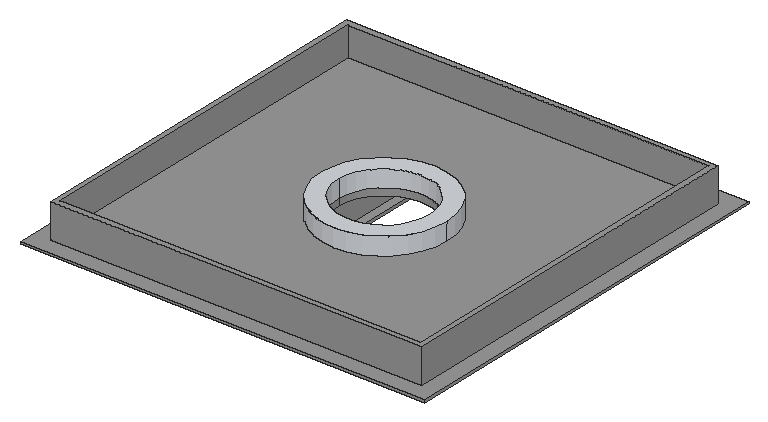
Revit family "Rahmenkassette Schwerlast für Tubus, RKFSL, Nenngröße 350-3, Belastungsklasse 1", category Generic Models, Revit 2015
Parameters (values of type "RKF2 SL1 V3 40")
  Width 1 = 388 mm
  Width = 424 mm
  URL = "http://www.obo-bettermann.com"
  Material = Stainless Steel
  Manufacturer Art.No. = "7409510"
  Manufacturer = "OBO Bettermann"
  Height 1 = 38 mm
  Height = 40 mm
  GTIN = "4012195869993"
  Cut depth = 5 mm
  Article Type = "RKF2 SL1 V3 40"
Types (5, lengths in mm): name | Manufacturer Art.No. | Height 1 | Height | GTIN | Cut depth | Article Type
  (no name) | "7409510" | 38 | 40 | "4012195869993" | 5 | "RKF2 SL1 V3 40"
  RKF2 SL1 V3 20 | "7409502" | 18 | 20 | "4012195869924" | 5 | "RKF2 SL1 V3 20"
  RKF2 SL1 V3 25 | "7409504" | 23 | 25 | "4012195869931" | 5 | "RKF2 SL1 V3 25"
  RKF2 SL1 V3 30 | "7409506" | 28 | 30 | "4012195869948" | 0 | "RKF2 SL1 V3 30"
  RKF2 SL1 V3 40 | "7409510" | 38 | 40 | "4012195869993" | 5 | "RKF2 SL1 V3 40"
Reference planes
  plane 1 "Center (Front/Back)": y = 0
  plane 2: z = 0
  plane 3 "Center (Left/Right)": x = 0
  plane 4: z = 2
  plane 5: y = 175
  plane 6: y = -175
  plane 7: z = 7
Forms (mm)
  Extrusion 1, solid, material "Stainless Steel" <- "Material"
    sketch origin (0, 0, 0) x (1, 0, 0) y (0, 1, 0)
      loop
        line (-194, 194) -> (-194, -194) -> (194, -194) -> (194, 194) -> (-194, 194)
    from 0 to 38
  Extrusion 2, solid, material "Stainless Steel" <- "Material"
    sketch origin (0, 0, 0) x (1, 0, 0) y (0, 1, 0)
      loop
        line (-212, 212) -> (-212, -212) -> (212, -212) -> (212, 212) -> (-212, 212)
      loop
        line (194, 194) -> (-194, 194) -> (-194, -194) -> (194, -194) -> (194, 194)
    from 0 to 2
  Extrusion 3, void
    sketch origin (0, 0, 0) x (1, 0, 0) y (0, 1, 0)
      loop
        line (-189.1, 189.1) -> (-189.1, -189.1) -> (189.1, -189.1) -> (189.1, 189.1) -> (-189.1, 189.1)
    from 7 to 38
  Extrusion 4, solid, material "Stainless Steel" <- "Material"
    sketch origin (0, 0, 0) x (1, 0, 0) y (0, 0, 1)
      loop
        line (-61, 0) -> (-61, -35) -> (-49, -35) -> (-49, -33) -> (-59, -33) -> (-59, 0) -> (-61, 0)
      loop
        line (59, 0) -> (59, -33) -> (46, -33) -> (46, -35) -> (61, -35) -> (61, 0) -> (59, 0)
    from -175 to 175
  Extrusion 5, void
    sketch origin (0, 0, 0) x (0, 1, 0) y (0, 0, 1)
      loop
        line (175, 0) -> (153, -33) -> (153, -35) -> (175, -35) -> (175, 0)
      loop
        line (-175, 0) -> (-175, -35) -> (-153, -35) -> (-153, -33) -> (-175, 0)
    from -61 to 61
  Extrusion 6, solid
    sketch origin (0, 0, -6.051) x (1, 0, 0) y (0, 1, 0)
      loop
        circle (0, 0) r 66
    from 13.051 to 31.501
  Extrusion 7, void
    sketch origin (0, 0, 0) x (1, 0, 0) y (0, 1, 0)
      loop
        circle (0, 0) r 47.77
    from 0 to 25.45
Cuts and joins
  Extrusion 3, Extrusion 7 cuts Extrusion 1
  Extrusion 5 cuts Extrusion 4
  Extrusion 7 cuts Extrusion 6
Dimensions and locks
  "Width 1": Extrusion 1 sketch curve to Extrusion 1 sketch curve  (x2)
  equal spacing: Extrusion 1 sketch curve, plane 3 "Center (Left/Right)", Extrusion 1 sketch curve
  equal spacing: Extrusion 1 sketch curve, plane 1 "Center (Front/Back)", Extrusion 1 sketch curve
  "Height 1": Extrusion 1 to level
  "Width": Extrusion 2 sketch curve to Extrusion 2 sketch curve  (x2)
  equal spacing: Extrusion 2 sketch curve, plane 3 "Center (Left/Right)", Extrusion 2 sketch curve
  equal spacing: Extrusion 2 sketch curve, plane 1 "Center (Front/Back)", Extrusion 2 sketch curve
  locked: plane 4 to level at 2
  locked: Extrusion 3 sketch curve to Extrusion 3 sketch curve at 378.2  (x2)
  locked: Extrusion 4 sketch curve to Extrusion 4 sketch curve at 2  (x4)
  locked: Extrusion 2 to Extrusion 4 sketch curve at 35  (x2)
  locked: Extrusion 4 sketch curve to Extrusion 4 sketch curve at 118
  equal spacing: Extrusion 4 sketch curve, plane 3 "Center (Left/Right)", Extrusion 4 sketch curve, locked at 59 each
  locked: plane 5 to plane 6 at 350
  locked: plane 5 to plane 1 "Center (Front/Back)" at 175
  locked: Extrusion 4 to Extrusion 5 sketch curve at 22
  locked: Extrusion 4 to Extrusion 5 sketch curve at 35  (x2)
  locked: Extrusion 4 to Extrusion 5 sketch curve at 2  (x2)
  locked: Extrusion 5 sketch curve to Extrusion 4 at 22
  "Cut depth": plane 7 to plane 4
  locked: Extrusion 6 to cut or joined group of Extrusion 1, Extrusion 3, Extrusion 7 at 18.45
  locked: Extrusion 3 sketch curve to plane 3 "Center (Left/Right)" at 189.1
  locked: plane 1 "Center (Front/Back)" to Extrusion 3 sketch curve at 189.1
  diameter of Extrusion 6 sketch curve = 132 mm
  diameter of Extrusion 7 sketch curve = 95.54 mm
  aligned and locked: level to plane 2
  aligned and locked: Extrusion 1 to level
  aligned and locked: Extrusion 2 to level
  aligned and locked: Extrusion 2 to plane 4
  aligned and locked: Extrusion 1 to Extrusion 3
  aligned and locked: Extrusion 4 to plane 5
  aligned and locked: plane 6 to Extrusion 4
  aligned and locked: Extrusion 5 sketch curve to plane 5
  aligned and locked: plane 6 to Extrusion 5 sketch curve
  aligned and locked: Extrusion 5 to Extrusion 4  (x2)
  aligned and locked: Extrusion 3 to plane 7
  aligned and locked: cut or joined group of Extrusion 1, Extrusion 3, Extrusion 7 to Extrusion 6
  aligned and locked: Extrusion 7 to level
  aligned and locked: cut or joined group of Extrusion 6, Extrusion 7 to Extrusion 7
  aligned and locked: Extrusion 2 to cut or joined group of Extrusion 1, Extrusion 3, Extrusion 7
Automatic sketch dimensions
  Extrusion 4 sketch curve to level = 0 mm  (x2)
  Extrusion 4 sketch curve to Extrusion 4 sketch curve = 10 mm
  Extrusion 4 sketch curve to Extrusion 4 sketch curve = 13 mm
  plane 1 "Center (Front/Back)" to Extrusion 6 sketch curve = 0 mm
  Extrusion 6 sketch curve to plane 3 "Center (Left/Right)" = 0 mm
  plane 1 "Center (Front/Back)" to Extrusion 7 sketch curve = 0 mm
  Extrusion 7 sketch curve to plane 3 "Center (Left/Right)" = 0 mm
  Extrusion 2 sketch curve to Extrusion 2 sketch curve = 18 mm  (x4)
